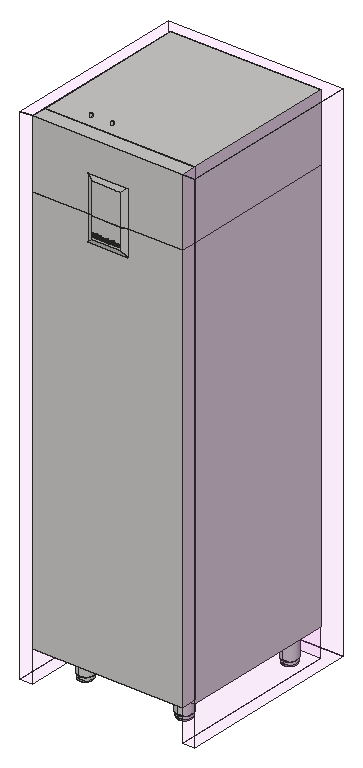
Revit family "QF_ELECTROLUXPROFESSIONAL_691342_PS04F1FRCO2", category Specialty Equipment, Revit 2018
Family settings
  Round Connector Dimension = Use Diameter
  Part Type = Normal
  Work Plane-Based = No
  Always vertical = Yes
  Cut with Voids When Loaded = No
  Shared = No
  Room Calculation Point = No
Parameters (values of type "Standard")
  Weight = 20.5746 lbm
  Watts = 0 W
  Volts = 220 V
  URL Manufacturer = "http://professional.electrolux.com"
  URL = "http://professional.electrolux.com"
  Steam Supply Size = 0"
  Steam Supply Minimum Pressure = 0.00 psi
  Steam Supply Maximum Pressure = 0.00 psi
  Steam Pounds per Hour = 0
  Show Clearance [instance] = yes
  Refrigeration Suction Line Size = 0.02625"
  Refrigeration Liquid Line Size = 0.02625"
  Refrigerant Compressor Remote = yes
  Phase = 1
  Model = "PS04F1FRCO2"
  Manufacturer = "Electrolux Professional"
  Length Actual = 600 mm  # constant formula
  Item Number = "691342"
  Hot Water Size = 0"
  Height Actual = 2040 mm  # constant formula
  HP = "0.2 HP"
  Gas Size = 0"
  Gas KW = 0
  Gas Input Pressure = 0.0 Btu/h
  Direct Waste Size = 0"
  Description = "1-DOOR FREEZER 470LT,-15/-22°,PROSTORE,REMOTE,CO2+VALVE"
  Depth Actual = 700 mm  # constant formula
  Cycle = 60 Hz
  Condensate Return Size = 0"
  Compressed Air Volume = 0 GPM
  Compressed Air Size = 0"
  Compressed Air Pressure = 0.00 psi
  Cold Water Size = 0"
  Accessory = yes
Types (2, lengths in mm): name | URL | Phase | Model | Manufacturer | Description
  (no name) | "http://professional.electrolux.com/" | 0 | "RBC201" | "Electrolux" | "BLAST CHILLER 56 KG 20 GN1/1"
  Standard | "http://professional.electrolux.com" | 1 | "PS04F1FRCO2" | "Electrolux Professional" | "1-DOOR FREEZER 470LT,-15/-22°,PROSTORE,REMOTE,CO2+VALVE"
Values of the unnamed type that differ from the named types
  Volts = 380 V
  URL Manufacturer = "http://professional.electrolux.com/"
  Item Number = "726624"
  Cycle = 50 Hz
Reference planes
  plane 1 "BACK": y = 0
  plane 2: z = 0
  plane 3 "LEFT": x = 0
  plane 4 "RIGHT": x = 600
  plane 5 "FRONT": y = -700
  plane 6 "TOP": z = 2040
  plane 7 "Center Y": x = 300
  plane 8 "Center X": y = -350
  plane 9: x = 102
  plane 10: x = 498
  plane 11: z = 115
  plane 12: z = 86
  plane 13: y = -80
  plane 14: y = -694
  plane 15: y = -1227
  plane 16: y = -630
  plane 17: z = 1770
  plane 18: x = -50
  plane 19: y = 50
  plane 20: x = 650
Forms (mm)
  Extrusion 1, solid, material "QF_Metal - Stainless - Polished"
    sketch origin (0, 0, 0) x (1, 0, 0) y (0, 0, 1)
      loop
        line (0, 2040) -> (0, 1770) -> (600, 1770) -> (600, 2040) -> (0, 2040)
    from 0 to 630
  Extrusion 2, solid, material "QF_Metal - Stainless - Polished"
    sketch origin (0, 0, 0) x (1, 0, 0) y (0, 0, 1)
      loop
        line (0, 1770) -> (0, 115) -> (600, 115) -> (600, 1770) -> (0, 1770)
    from 0 to 630
  Extrusion 3, solid, material "QF_Metal - Stainless - Polished"
    sketch origin (-370, 0, -128) x (1, 0, 0) y (0, 0, 1)
      loop
        circle (450, 1847.083) r 20
    from -7.507 to 0
  Extrusion 4, solid, material "QF_Door-Drawer Clearances", visible <- "Show Clearance", detail levels coarse
    sketch origin (0, 0, 0) x (1, 0, 0) y (0, 1, 0)
      loop
        line (600, -694) -> (0, -694)
        arc (0, -694) -> (187.42, -1087.232) -> (600, -1227) r 559.707
        line (600, -1227) -> (600, -694)
    from 127.536 to 1770
  Extrusion 5, solid, material "QF_Metal - Stainless - Polished"
    sketch origin (0, 130.478, 0) x (1, 0, 0) y (0, 0, 1)
      loop
        line (0, 2040) -> (0, 1770) -> (600, 1770) -> (600, 2040) -> (0, 2040)
    from 760.478 to 824.478
  Extrusion 6, solid, material "QF_Metal - Stainless - Polished"
    sketch origin (0, 140, 0) x (1, 0, 0) y (0, 0, 1)
      loop
        line (0, 1770) -> (0, 127.536) -> (600, 127.536) -> (600, 1770) -> (0, 1770)
    from 834 to 770
  Revolve 7, solid, material "QF_Metal - Stainless - Polished"
    sketch origin (497.59, -2.833, 0) x (0, 1, 0) y (0, 0, -1)
      loop
        line (-590.954, -115) -> (-553.167, -115) -> (-553.167, 0) -> (-578.757, 0)
        arc (-578.757, 0) -> (-580.973, -2.655) -> (-581.767, -6.021) r 7.527
        line (-581.767, -6.021) -> (-581.767, -17.561) -> (-585.28, -21.074) -> (-585.28, -110.008) -> (-590.954, -110.008) -> (-590.954, -115)
      axis (-553.167, 0) -> (-553.167, -115)
    angle from 0 to 360
  Revolve 8, solid, material "QF_Metal - Stainless - Polished"
    sketch origin (102, -2.833, 0) x (0, 1, 0) y (0, 0, 1)
      loop
        line (-590.954, 115) -> (-590.954, 110.008) -> (-585.28, 110.008) -> (-585.28, 21.074) -> (-581.767, 17.561) -> (-581.767, 6.021)
        arc (-581.767, 6.021) -> (-580.973, 2.655) -> (-578.757, 0) r 7.527
        line (-578.757, 0) -> (-553.167, 0) -> (-553.167, 115) -> (-590.954, 115)
      axis (-553.167, 0) -> (-553.167, 115)
    angle from 0 to 360
  Revolve 9, solid, material "QF_Metal - Stainless - Polished"
    sketch origin (538, -759.167, 0) x (0, -1, 0) y (0, 0, 1)
      loop
        line (-716.954, 115) -> (-716.954, 110.008) -> (-711.28, 110.008) -> (-711.28, 21.074) -> (-707.767, 17.561) -> (-707.767, 6.021)
        arc (-707.767, 6.021) -> (-706.973, 2.655) -> (-704.757, 0) r 7.527
        line (-704.757, 0) -> (-679.167, 0) -> (-679.167, 115) -> (-716.954, 115)
      axis (-679.167, 0) -> (-679.167, 115)
    angle from 0 to 360
  Revolve 10, solid, material "QF_Metal - Stainless - Polished"
    sketch origin (62, -759.167, 0) x (0, -1, 0) y (0, 0, 1)
      loop
        line (-716.954, 115) -> (-716.954, 110.008) -> (-711.28, 110.008) -> (-711.28, 21.074) -> (-707.767, 17.561) -> (-707.767, 6.021)
        arc (-707.767, 6.021) -> (-706.973, 2.655) -> (-704.757, 0) r 7.527
        line (-704.757, 0) -> (-679.167, 0) -> (-679.167, 115) -> (-716.954, 115)
      axis (-679.167, 0) -> (-679.167, 115)
    angle from 0 to 360
  Blend 11, solid, material "QF_Metal - Stainless - Polished"
    base sketch origin (-150, -694, 0) x (1, 0, 0) y (0, 0, 1)
      loop
        line (370, 1914.822) -> (370, 1664.822) -> (530, 1664.822) -> (530, 1914.822) -> (370, 1914.822)
    top sketch origin (-150, -694, 0) x (1, 0, 0) y (0, 0, 1)
      loop
        line (510, 1894.822) -> (390, 1894.822) -> (390, 1684.822) -> (510, 1684.822) -> (510, 1894.822)
    from 0 to 6
  Extrusion 12, void
    sketch origin (-150, -700, 0) x (-1, 0, 0) y (0, 0, 1)
      loop
        line (-370, 1770.997) -> (-530, 1770.997) -> (-530, 1769.003) -> (-370, 1769.003) -> (-370, 1770.997)
    from 0 to 6
  Extrusion 13, solid, material "QF_Metal - Stainless - Polished"
    sketch origin (-197.1, -490.153, 2040) x (1, 0, 0) y (0, 1, 0)
      loop
        circle (425.128, -89.847) r 4
    from 0 to 10
  Extrusion 14, solid, material "QF_Metal - Stainless - Polished"
    sketch origin (-282.128, -490.153, 2040) x (1, 0, 0) y (0, 1, 0)
      loop
        circle (425.128, -89.847) r 4
    from 0 to 10
  Extrusion 15, solid, material "QF_Door-Drawer Clearances"
    sketch origin (0, 0, 0) x (1, 0, 0) y (0, 1, 0)
      loop
        line (0, -694) -> (0, 0) -> (600, 0) -> (600, -694) -> (650, -694) -> (650, 50) -> (-50, 50) -> (-50, -694) -> (0, -694)
    from 0 to 2040
Cuts and joins
  Extrusion 12 cuts Extrusion 1
  Extrusion 12 cuts Extrusion 2
  Extrusion 12 cuts Extrusion 5
  Extrusion 12 cuts Extrusion 6
  Extrusion 12 cuts Blend 11
Lines and regions (mm)
  Split face 1
    outline origin (-150, -700, 0) x (1, 0, 0) y (0, 0, 1)
      loop
        line (415, 1894.822) -> (415, 1742.499) -> (485, 1742.499) -> (485, 1894.822)
  symbolic lines
    curve 1: line (0, 0, 0) -> (600, 0, 0)
    curve 2: line (0, -694, 0) -> (0, 0, 0)
    curve 3: line (600, -694, 0) -> (0, -694, 0)
    curve 4: line (600, 0, 0) -> (600, -694, 0)
    curve 5: line (0, -630, 0) -> (600, -630, 0)
    curve 6: line (220, -694, 0) -> (240, -700, 0)
    curve 7: line (240, -700, 0) -> (360, -700, 0)
    curve 8: line (360, -700, 0) -> (380, -694, 0)
  symbolic lines, style "QF_Door-Drawer Clearances"
    curve 9: arc (0, -694, 0) -> (187.42, -1087.232, 0) -> (600, -1227, 0) r 559.707
    curve 10: line (600, -1227, 0) -> (600, -694, 0)
    curve 11: line (0, -694, 0) -> (-50, -694, 0)
    curve 12: line (-50, -694, 0) -> (-50, 50, 0)
    curve 13: line (-50, 50, 0) -> (650, 50, 0)
    curve 14: line (650, 50, 0) -> (650, -694, 0)
    curve 15: line (650, -694, 0) -> (600, -694, 0)
Dimensions and locks
  equal spacing: plane 3 "LEFT", plane 7 "Center Y", plane 4 "RIGHT"
  plane 3 "LEFT" to plane 4 "RIGHT" = 600 mm
  equal spacing: plane 5 "FRONT", plane 8 "Center X", plane 1 "BACK"
  plane 5 "FRONT" to plane 1 "BACK" = 700 mm
  plane 6 "TOP" to level = 2040 mm
  plane 9 to plane 3 "LEFT" = 102 mm
  plane 10 to plane 4 "RIGHT" = 102 mm
  plane 11 to level = 115 mm
  plane 12 to plane 11 = 29 mm
  plane 1 "BACK" to plane 13 = 80 mm
  plane 15 to plane 1 "BACK" = 1227 mm
  plane 3 "LEFT" to Extrusion 4 = 600 mm
  plane 11 to plane 2 = 115 mm
  plane 1 "BACK" to plane 16 = 630 mm
  plane 18 to plane 3 "LEFT" = 50 mm
  plane 4 "RIGHT" to plane 20 = 50 mm
  plane 1 "BACK" to plane 19 = 50 mm
  aligned and locked: level to plane 2
  aligned and locked: Extrusion 5 to plane 4 "RIGHT"
  aligned and locked: Extrusion 5 to plane 3 "LEFT"
  aligned and locked: plane 5 "FRONT" to Blend 11
Automatic sketch dimensions
  Extrusion 1 sketch curve to plane 3 "LEFT" = 0 mm
  plane 4 "RIGHT" to Extrusion 1 sketch curve = 0 mm
  Extrusion 1 sketch curve to plane 17 = 0 mm
  Extrusion 1 sketch curve to plane 6 "TOP" = 0 mm
  Extrusion 2 sketch curve to plane 3 "LEFT" = 0 mm
  plane 4 "RIGHT" to Extrusion 2 sketch curve = 0 mm
  Extrusion 2 sketch curve to plane 11 = 0 mm
  Extrusion 2 sketch curve to plane 17 = 0 mm
  Extrusion 3 sketch curve to plane 9 = 22 mm
  Extrusion 3 sketch curve to plane 17 = 50.917 mm
  Extrusion 4 sketch curve to plane 3 "LEFT" = 0 mm
  Extrusion 4 sketch curve to plane 4 "RIGHT" = 0 mm
  Extrusion 4 sketch curve to plane 15 = 0 mm
  plane 14 to Extrusion 4 sketch curve = 0 mm
  Extrusion 4 sketch curve to plane 14 = 25.214 mm
  Extrusion 5 sketch curve to plane 3 "LEFT" = 0 mm
  plane 4 "RIGHT" to Extrusion 5 sketch curve = 0 mm
  Extrusion 5 sketch curve to plane 17 = 0 mm
  Extrusion 5 sketch curve to plane 6 "TOP" = 0 mm
  Extrusion 6 sketch curve to plane 3 "LEFT" = 0 mm
  plane 4 "RIGHT" to Extrusion 6 sketch curve = 0 mm
  Extrusion 6 sketch curve to plane 17 = 0 mm
  plane 11 to Extrusion 6 sketch curve = 12.536 mm
  plane 11 to Revolve 7 sketch curve = 0 mm
  Revolve 7 sketch curve to level = 0 mm
  plane 16 to Revolve 7 sketch curve = 36.213 mm
  Revolve 7 sketch curve to Revolve 7 sketch curve = 5.674 mm
  Revolve 7 sketch curve to Revolve 7 sketch curve = 3.513 mm  (x2)
  Revolve 7 sketch curve to Revolve 7 sketch curve = 3.01 mm
  level to Revolve 7 sketch curve = 6.021 mm
  Revolve 7 sketch curve to Revolve 7 sketch curve = 21.073 mm
  Revolve 7 sketch curve to plane 11 = 4.992 mm  (x2)
  Revolve 7 sketch curve to Revolve 7 sketch curve = 15.053 mm
  Revolve 7 sketch curve to Revolve 7 sketch curve = 0 mm
  Revolve 7 sketch curve to Revolve 7 sketch curve = 20.008 mm
  Revolve 8 sketch curve to plane 11 = 0 mm
  Revolve 8 sketch curve to level = 0 mm
  plane 16 to Revolve 8 sketch curve = 36.213 mm
  Revolve 8 sketch curve to Revolve 8 sketch curve = 5.674 mm
  Revolve 8 sketch curve to Revolve 8 sketch curve = 3.513 mm  (x2)
  Revolve 8 sketch curve to Revolve 8 sketch curve = 3.01 mm
  level to Revolve 8 sketch curve = 6.021 mm
  Revolve 8 sketch curve to Revolve 8 sketch curve = 21.073 mm
  Revolve 8 sketch curve to Revolve 8 sketch curve = 11.54 mm
  Revolve 8 sketch curve to plane 11 = 4.992 mm
  Revolve 8 sketch curve to Revolve 8 sketch curve = 0 mm
  Revolve 8 sketch curve to Revolve 8 sketch curve = 4.992 mm
  plane 11 to Revolve 8 sketch curve = 20.008 mm
  Revolve 9 sketch curve to plane 11 = 0 mm
  Revolve 9 sketch curve to level = 0 mm
  Revolve 9 sketch curve to plane 13 = 0 mm  (x2)
  level to Revolve 9 sketch curve = 6.021 mm
  Revolve 9 sketch curve to plane 13 = 21.073 mm
  Revolve 9 sketch curve to Revolve 9 sketch curve = 4.517 mm
  Revolve 9 sketch curve to Revolve 9 sketch curve = 3.513 mm  (x2)
  Revolve 9 sketch curve to Revolve 9 sketch curve = 5.674 mm
  Revolve 9 sketch curve to Revolve 9 sketch curve = 11.54 mm
  Revolve 9 sketch curve to plane 11 = 4.992 mm
  Revolve 9 sketch curve to Revolve 9 sketch curve = 4.992 mm
  plane 11 to Revolve 9 sketch curve = 20.008 mm
  Revolve 10 sketch curve to plane 11 = 0 mm
  Revolve 10 sketch curve to level = 0 mm
  Revolve 10 sketch curve to plane 13 = 0 mm  (x2)
  Revolve 10 sketch curve to level = 6.021 mm
  plane 13 to Revolve 10 sketch curve = 21.073 mm
  Revolve 10 sketch curve to Revolve 10 sketch curve = 4.517 mm
  Revolve 10 sketch curve to Revolve 10 sketch curve = 3.513 mm  (x2)
  Revolve 10 sketch curve to Revolve 10 sketch curve = 5.674 mm
  Revolve 10 sketch curve to Revolve 10 sketch curve = 11.54 mm
  plane 11 to Revolve 10 sketch curve = 4.992 mm  (x2)
  Revolve 10 sketch curve to Revolve 10 sketch curve = 20.008 mm
  Blend 11 sketch curve to Extrusion 6 = 105.178 mm
  Blend 11 sketch curve to Extrusion 6 = 220 mm
  Blend 11 sketch curve to Blend 11 sketch curve = 160 mm
  Extrusion 6 to Blend 11 sketch curve = 144.822 mm
  Extrusion 6 to Blend 11 sketch curve = 124.822 mm
  Blend 11 sketch curve to Extrusion 6 = 240 mm
  Blend 11 sketch curve to Blend 11 sketch curve = 120 mm
  Blend 11 sketch curve to Extrusion 6 = 85.178 mm
  Split face 1 sketch curve to Blend 11 = 0 mm  (x2)
  Split face 1 sketch curve to Blend 11 = 25 mm  (x2)
  Split face 1 sketch curve to Blend 11 = 57.677 mm
  Extrusion 12 sketch curve to Blend 11 = 20 mm  (x2)
  Blend 11 to Extrusion 12 sketch curve = 84.181 mm
  Extrusion 12 sketch curve to Extrusion 12 sketch curve = 1.995 mm
  Extrusion 1 to Extrusion 13 sketch curve = 580 mm
  Extrusion 13 sketch curve to Extrusion 1 = 371.972 mm
  Extrusion 1 to Extrusion 14 sketch curve = 580 mm
  Extrusion 14 sketch curve to Extrusion 1 = 457 mm
  Extrusion 15 sketch curve to plane 18 = 0 mm
  plane 1 "BACK" to Extrusion 15 sketch curve = 0 mm
  Extrusion 15 sketch curve to plane 3 "LEFT" = 0 mm
  Extrusion 15 sketch curve to plane 4 "RIGHT" = 0 mm
  Extrusion 15 sketch curve to plane 19 = 0 mm
  Extrusion 15 sketch curve to plane 20 = 0 mm
  plane 14 to Extrusion 15 sketch curve = 0 mm  (x2)
  curve 13 to plane 18 = 0 mm
  curve 3 to plane 3 "LEFT" = 0 mm
  plane 5 "FRONT" to curve 7 = 0 mm
  curve 9 to plane 4 "RIGHT" = 0 mm
  curve 15 to plane 4 "RIGHT" = 0 mm
  plane 14 to curve 14 = 0 mm
  curve 14 to plane 20 = 0 mm
  curve 10 to plane 15 = 0 mm
  curve 5 to plane 16 = 0 mm
  plane 1 "BACK" to curve 4 = 0 mm
  curve 13 to plane 19 = 0 mm
  curve 7 to plane 7 "Center Y" = 60 mm
  plane 7 "Center Y" to curve 8 = 60 mm
  curve 9 to plane 14 = 25.214 mm
  curve 6 to curve 6 = 20 mm
  curve 7 to curve 8 = 20 mm
  radius of Extrusion 3 sketch curve = 20 mm
  radius of Extrusion 13 sketch curve = 4 mm
  radius of Extrusion 14 sketch curve = 4 mm
Nested families
  nested 1: "ELX_Logo_S" at (300.625, -700, 1704.375) x (1, 0, 0) z (0, -1, 0), type "ELX_Logo_S"
Connectors
  electrical at (80, 7.507, 1719.083), driven by "Volts"
    settings: on Extrusion 3, index 2, voltage 220 V, apparent load 0 VA, apparent load phase1 0 VA, apparent load phase2 0 VA, apparent load phase3 0 VA, power factor 1, load classification "Other", number of poles 1, system type 30, power factor state 1, is connector primary yes, connector utility no, sub classification motor no, connector description "Electrical Connection"
  piping at (228.028, -580, 2050), diameter 8
    settings: on Extrusion 13, index 3, connector inside diameter 24", connector length 0 mm, flow factor 0, pipe flow 0 GPM, pressure drop 0.00 psi, fitting loss kfactor 0, connector angle 0.00°, fixture units 0, engagement length 0 mm, angle of deflection 0.00°, flow configuration 0, flow direction 0, fitting loss method 0, system type 22, joint type 0, gender type 0, connector reference index -1, connector utility 0, adjustable connector no, is connector primary yes, connector description "Refrigerant outlet"
  piping at (143, -580, 2050), diameter 8
    settings: on Extrusion 14, index 4, connector inside diameter 24", connector length 0 mm, flow factor 0, pipe flow 0 GPM, pressure drop 0.00 psi, fitting loss kfactor 0, connector angle 0.00°, fixture units 0, engagement length 0 mm, angle of deflection 0.00°, flow configuration 0, flow direction 0, fitting loss method 0, system type 22, joint type 0, gender type 0, connector reference index -1, connector utility 0, adjustable connector no, is connector primary no, connector description "Refrigerant inlet"
Definition of nested family "ELX_Logo_S"
  Parameters (values of type "ELX_Logo_S")
    Default Elevation = 0 mm
  Reference planes
    plane 1 "Centro (Fronte/Retro)": y = 0
    plane 2: z = 0
    plane 3 "Centro (Sinistra/Destra)": x = 0
  Forms (mm)
    Extrusion 1, solid
      sketch origin (0, 0, 0) x (1, 0, 0) y (0, 1, 0)
        loop
          line (-1219.2, 1219.2) -> (-1219.2, -1219.2) -> (1219.2, -1219.2) -> (1219.2, 1219.2) -> (-1219.2, 1219.2)
      from 0 to -304.8
    Extrusion 2, solid
      sketch origin (0, 0, 0) x (1, 0, 0) y (0, 1, 0)
        loop
          line (-43.793, 5.912) -> (-43.793, -6.455)
          arc (-43.793, -6.455) -> (-39.222, -0.272) -> (-43.793, 5.912) r 6.467
        loop
          arc (-44.422, 5.912) -> (-49.565, 4.743) -> (-52.043, 0.087) r 6.338
          line (-52.043, 0.087) -> (-49.997, 0.087)
          arc (-49.997, 0.087) -> (-46.342, 1.57) -> (-44.422, 5.016) r 5.941
          line (-44.422, 5.016) -> (-44.422, 5.912)
        loop
          arc (-44.422, -5.559) -> (-46.342, -2.114) -> (-49.997, -0.63) r 5.941
          line (-49.997, -0.63) -> (-52.043, -0.63)
          arc (-52.043, -0.63) -> (-49.569, -5.324) -> (-44.422, -6.614) r 6.504
          line (-44.422, -6.614) -> (-44.422, -5.559)
        loop
          line (-52.512, 6.586) -> (-52.512, -7.158) -> (-38.749, -7.158) -> (-38.749, 6.586) -> (-52.512, 6.586)
        loop
          arc (-35.782, 6.67) -> (-36.139, 6.322) -> (-35.801, 5.955) r 0.358
          arc (-35.801, 5.955) -> (-35.051, 5.641) -> (-34.666, 4.924) r 1.216
          line (-34.666, 4.924) -> (-34.666, -5.488)
          arc (-34.666, -5.488) -> (-34.944, -6.148) -> (-35.54, -6.544) r 1.238
          arc (-35.54, -6.544) -> (-35.791, -6.939) -> (-35.437, -7.244) r 0.358
          line (-35.437, -7.244) -> (-25.558, -7.244) -> (-25.558, -4.494) -> (-26.455, -4.494)
          arc (-26.455, -4.494) -> (-27.035, -5.403) -> (-28.012, -5.858) r 1.928
          line (-28.012, -5.858) -> (-30.511, -5.858)
          arc (-30.511, -5.858) -> (-31.24, -5.583) -> (-31.604, -4.894) r 1.101
          line (-31.604, -4.894) -> (-31.604, -0.808) -> (-27.931, -0.808)
          arc (-27.931, -0.808) -> (-27.434, -1.16) -> (-27.206, -1.725) r 1.083
          arc (-27.206, -1.725) -> (-26.9, -1.989) -> (-26.622, -1.697) r 0.292
          line (-26.622, -1.697) -> (-26.622, 1.265)
          arc (-26.622, 1.265) -> (-26.895, 1.568) -> (-27.225, 1.329) r 0.305
          arc (-27.225, 1.329) -> (-27.473, 0.839) -> (-27.931, 0.534) r 1.083
          line (-27.931, 0.534) -> (-31.604, 0.534) -> (-31.604, 5.211) -> (-27.857, 5.211)
          arc (-27.857, 5.211) -> (-27.101, 4.997) -> (-26.603, 4.39) r 1.314
          arc (-26.603, 4.39) -> (-26.199, 4.171) -> (-25.907, 4.526) r 0.361
          line (-25.907, 4.526) -> (-25.907, 6.67) -> (-35.782, 6.67)
        loop
          arc (-25.126, 5.953) -> (-24.207, 5.572) -> (-23.827, 4.654) r 1.299
          line (-23.827, 4.654) -> (-23.827, -4.925)
          arc (-23.827, -4.925) -> (-24.205, -5.763) -> (-25.083, -6.035) r 1.118
          line (-25.083, -6.035) -> (-25.083, -7.244) -> (-19.733, -7.244) -> (-19.733, -6.056)
          arc (-19.733, -6.056) -> (-20.65, -5.784) -> (-21.046, -4.914) r 1.153
          line (-21.046, -4.914) -> (-21.046, 7.158) -> (-25.126, 5.953)
        loop
          line (-17.097, -2.28) -> (-10.65, -2.28) -> (-10.65, -1.481)
          arc (-10.65, -1.481) -> (-11.634, 1.1) -> (-14.088, 2.369) r 3.874
          line (-14.088, 2.369) -> (-15.848, 2.369)
          arc (-15.848, 2.369) -> (-18.713, 1.182) -> (-19.899, -1.682) r 4.051
          line (-19.899, -1.682) -> (-19.899, -3.691)
          arc (-19.899, -3.691) -> (-18.414, -6.509) -> (-15.407, -7.561) r 4.352
          arc (-15.407, -7.561) -> (-12.944, -7.196) -> (-10.87, -5.819) r 5.713
          line (-10.87, -5.819) -> (-10.87, -4.87)
          arc (-10.87, -4.87) -> (-12.439, -5.603) -> (-14.157, -5.819) r 5.579
          arc (-14.157, -5.819) -> (-16.12, -5.025) -> (-17.097, -3.146) r 3.057
          line (-17.097, -3.146) -> (-17.097, -2.28)
        loop
          line (-17.097, -1.02) -> (-13.515, -1.02)
          arc (-13.515, -1.02) -> (-13.468, 0.436) -> (-14.627, 1.319) r 1.59
          line (-14.627, 1.319) -> (-15.457, 1.319)
          arc (-15.457, 1.319) -> (-16.712, 0.455) -> (-17.097, -1.02) r 2.184
        loop
          arc (-1.232, 1.771) -> (-2.906, 2.259) -> (-4.643, 2.417) r 9.023
          line (-4.643, 2.417) -> (-6.005, 2.417)
          arc (-6.005, 2.417) -> (-8.805, 1.257) -> (-9.965, -1.542) r 3.959
          line (-9.965, -1.542) -> (-9.965, -4.142)
          arc (-9.965, -4.142) -> (-8.672, -6.424) -> (-6.299, -7.541) r 4.331
          line (-6.299, -7.541) -> (-4.164, -7.541)
          arc (-4.164, -7.541) -> (-2.614, -7.033) -> (-1.268, -6.112) r 5.772
          arc (-1.268, -6.112) -> (-1.217, -5.35) -> (-1.976, -5.263) r 0.553
          arc (-1.976, -5.263) -> (-2.71, -5.651) -> (-3.529, -5.785) r 2.573
          line (-3.529, -5.785) -> (-5.044, -5.785)
          arc (-5.044, -5.785) -> (-6.686, -4.779) -> (-7.328, -2.965) r 2.884
          line (-7.328, -2.965) -> (-7.328, -1.686)
          arc (-7.328, -1.686) -> (-6.768, 0.135) -> (-5.103, 1.062) r 2.554
          line (-5.103, 1.062) -> (-4.05, 1.062)
          arc (-4.05, 1.062) -> (-3.122, 0.73) -> (-2.387, 0.073) r 2.564
          arc (-2.387, 0.073) -> (-1.67, -0.148) -> (-1.232, 0.461) r 0.643
          line (-1.232, 0.461) -> (-1.232, 1.771)
        loop
          line (-0.962, 0.752) -> (0.539, 0.752) -> (0.539, -5.296)
          arc (0.539, -5.296) -> (1.197, -6.884) -> (2.785, -7.541) r 2.246
          line (2.785, -7.541) -> (4.369, -7.541)
          arc (4.369, -7.541) -> (5.233, -7.228) -> (6.005, -6.727) r 4.06
          arc (6.005, -6.727) -> (6.138, -5.995) -> (5.437, -5.743) r 0.576
          arc (5.437, -5.743) -> (4.911, -5.849) -> (4.379, -5.785) r 1.69
          arc (4.379, -5.785) -> (3.591, -5.244) -> (3.288, -4.337) r 1.506
          line (3.288, -4.337) -> (3.288, 0.801) -> (5.685, 0.801) -> (6.241, 1.357) -> (6.241, 2.179) -> (3.382, 2.179) -> (3.382, 5.41) -> (-0.962, 0.752)
        loop
          line (7.139, -7.324) -> (12.526, -7.324) -> (12.526, -6.214)
          arc (12.526, -6.214) -> (11.575, -5.82) -> (11.181, -4.869) r 1.345
          line (11.181, -4.869) -> (11.181, -1.253)
          arc (11.181, -1.253) -> (11.773, -0.488) -> (12.695, -0.199) r 1.615
          line (12.695, -0.199) -> (14.251, -0.199) -> (14.936, 2.357) -> (13.553, 2.357) -> (10.994, 0.414) -> (10.994, 2.295) -> (8.288, 2.01)
          arc (8.288, 2.01) -> (7.758, 1.571) -> (7.959, 0.912) r 0.621
          arc (7.959, 0.912) -> (8.301, 0.512) -> (8.484, 0.018) r 1.501
          line (8.484, 0.018) -> (8.484, -4.869)
          arc (8.484, -4.869) -> (8.09, -5.82) -> (7.139, -6.214) r 1.345
          line (7.139, -6.214) -> (7.139, -7.324)
        loop
          line (14.473, -1.222) -> (14.473, -3.914)
          arc (14.473, -3.914) -> (15.781, -6.36) -> (18.311, -7.494) r 4.288
          arc (18.311, -7.494) -> (19.692, -7.557) -> (21.072, -7.494) r 15.022
          arc (21.072, -7.494) -> (23.603, -6.36) -> (24.91, -3.914) r 4.288
          line (24.91, -3.914) -> (24.91, -1.222)
          arc (24.91, -1.222) -> (23.603, 1.223) -> (21.072, 2.357) r 4.288
          arc (21.072, 2.357) -> (19.692, 2.421) -> (18.311, 2.357) r 15.022
          arc (18.311, 2.357) -> (15.781, 1.223) -> (14.473, -1.222) r 4.288
        loop
          line (17.587, -1.017) -> (17.587, -4.119)
          arc (17.587, -4.119) -> (19.744, -6.276) -> (21.901, -4.119) r 2.157
          line (21.901, -4.119) -> (21.901, -1.017)
          arc (21.901, -1.017) -> (19.744, 1.14) -> (17.587, -1.017) r 2.157
        loop
          arc (24.768, 5.964) -> (25.662, 5.593) -> (26.033, 4.699) r 1.264
          line (26.033, 4.699) -> (26.033, -5.165)
          arc (26.033, -5.165) -> (25.636, -6.035) -> (24.72, -6.307) r 1.153
          line (24.72, -6.307) -> (24.72, -7.244) -> (29.828, -7.244) -> (29.828, -6.316)
          arc (29.828, -6.316) -> (29.056, -5.957) -> (28.741, -5.165) r 1.153
          line (28.741, -5.165) -> (28.741, 7.158) -> (24.768, 5.964)
        loop
          arc (29.365, 1.084) -> (30.43, 0.885) -> (30.912, -0.085) r 1.215
          line (30.912, -0.085) -> (30.912, -5.105)
          arc (30.912, -5.105) -> (31.559, -6.719) -> (33.142, -7.44) r 2.338
          line (33.142, -7.44) -> (34.657, -7.44)
          arc (34.657, -7.44) -> (35.661, -7.266) -> (36.547, -6.763) r 2.979
          line (36.547, -6.763) -> (38.344, -7.244) -> (40.032, -7.244) -> (40.032, 2.181) -> (35.829, 1.887) -> (35.829, 1.101)
          arc (35.829, 1.101) -> (36.665, 0.745) -> (37.174, -0.007) r 1.605
          line (37.174, -0.007) -> (37.174, -5.11)
          arc (37.174, -5.11) -> (36.237, -5.531) -> (35.213, -5.603) r 2.94
          arc (35.213, -5.603) -> (34.112, -5.042) -> (33.669, -3.889) r 1.724
          line (33.669, -3.889) -> (33.669, 2.307) -> (29.365, 1.084)
        loop
          line (40.886, 2.112) -> (42.932, 0.44) -> (45.238, -2.734) -> (42.126, -6.191)
          arc (42.126, -6.191) -> (41.732, -6.428) -> (41.273, -6.405) r 0.789
          line (41.273, -6.405) -> (41.273, -7.244) -> (44.818, -7.244) -> (44.818, -6.418)
          arc (44.818, -6.418) -> (44.456, -6.076) -> (44.548, -5.586) r 0.52
          line (44.548, -5.586) -> (46.019, -3.786) -> (47.394, -5.904)
          arc (47.394, -5.904) -> (47.084, -6.305) -> (46.585, -6.392) r 0.7
          line (46.585, -6.392) -> (46.585, -7.244) -> (52.512, -7.244) -> (52.512, -6.358)
          arc (52.512, -6.358) -> (51.853, -6.291) -> (51.322, -5.896) r 1.247
          line (51.322, -5.896) -> (48.041, -1.696) -> (50.094, 0.751) -> (51.836, 2.112) -> (48.112, 2.112) -> (48.535, 0.627) -> (47.258, -0.895) -> (46.068, 0.806) -> (46.844, 2.112) -> (40.886, 2.112)
      from 0 to 1.644
  Dimensions and locks
    aligned and locked: plane 2 to Extrusion 1
    aligned and locked: level to Extrusion 1
